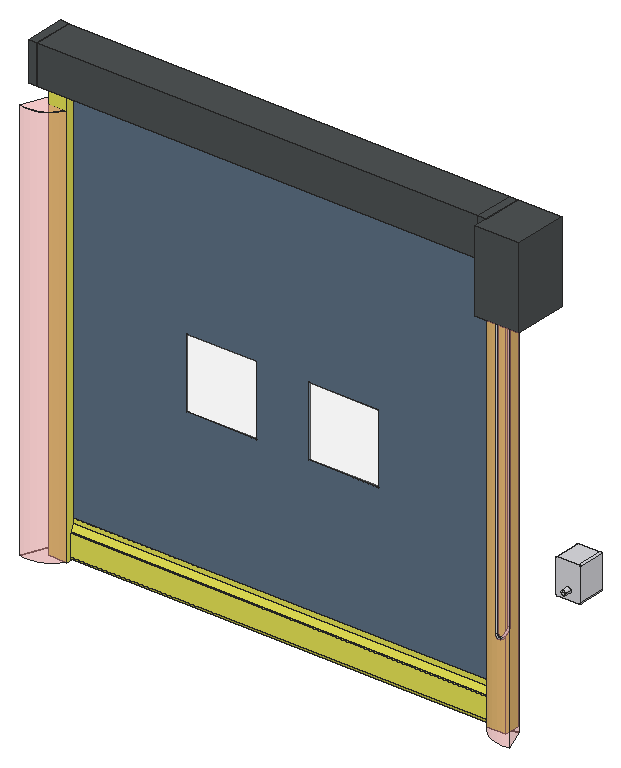
Revit family "Doors_Industrial_Wayne-Dalton_Flexible-Bottom-High-Speed-Interior-Fabric-Doors-Model-880-ADV-Xtreme_", category Specialty Equipment, host Wall, Revit 2019
Family settings
  Host = Wall
  Round Connector Dimension = Use Diameter
  Part Type = Normal
  OmniClass Number = 23.30.10.21.34
  OmniClass Title = Industrial Doors
  Always vertical = Yes
  Cut with Voids When Loaded = No
  Shared = No
  Room Calculation Point = No
Parameters (values of type "115 volts, one phase, 60 Hz (110-120V range)")
  Windows Off [instance] = not(Vision Panels)  # no
  Vision Panels [instance] = yes
  True Width [instance] = [Door Width (Real)]  # 10' - 0"
  True Height [instance] = [Door Height (Real)]  # 10' - 0"
  Three Phase Controller [instance] = not(One Phase Controller)  # no
  Rough Width [instance] = [Door Width (Real)]  # 10' - 0"
  Rough Height [instance] = [Door Height (Real)] - 0' 4 1/2"  # 9' - 7 1/2"
  Product Page URL = "https://www.wayne-dalton.com/high-speed-flexible-bottom-fabric-door-880"
  Powder Coat (Note) = "Standard color for guides and bottom bar is yellow. Approximately 200 optional RAL powder coat colors are also available."  # constant formula
  Panel Material [instance] = PVC - Wayne Dalton - Blue
  One Phase Controller [instance] = if(Number of Poles = 1, 1 = 1, 1 = 2)  # yes
  Motor Cover [instance] = yes
  Hood Material = Metal - Wayne Dalton - Black
  Headroom Height [instance] = 1' - 7 1/2"  # constant formula
  External Transformer = if(or(Voltage = 208 V, Voltage = 575 V), 1 = 1, 1 = 2)  # no
  Door Width (Real) [instance] = if(Door Width > Max Door Width, Max Door Width, if(Door Width < Min Door Width, Min Door Width, Door Width))  # 10' - 0"
  Door Height (Real) [instance] = if(Door Height > Max Door Height, Max Door Height, if(Door Height < Min Door Height, Min Door Height, Door Height))  # 10' - 0"
  Voltage = 115 V
  URL = "https://www.wayne-dalton.com/"
  Product data url = "https://www.bimobject.com/wayne-dalton/product/flexible-bottom-high-speed-interior-fabric-doors-model-880-ADV-Xtreme"
  Product Guid = "0106d010-f1e5-4df6-acf0-f1f8b8751e18"
  Power Factor = 1
  Number of Poles = 1
  Model = "880"  # constant formula
  Min Door Width [instance] = 4' - 0"  # constant formula
  Min Door Height [instance] = 4' - 0"  # constant formula
  Max Door Width [instance] = 12' - 0"  # constant formula
  Max Door Height [instance] = 12' - 0"  # constant formula
  Manufacturer = "Wayne Dalton"  # constant formula
  Frequency = 60 Hz  # constant formula
  Wall Closure = By host
  Floor To (CL) of Shaft [instance] = [Door Height (Real)] + 0' 5 1/2"  # 10' - 5 1/2"
  Connector Description = "Rapidflex Large Control Panel"  # constant formula
  Finish Material = Finish - Wayne Dalton - Yellow
  Door Width [instance] = 10' - 0"
  Door Height [instance] = 10' - 0"
  Description = "Designed for high traffic areas where safety is a priority, Wayne Dalton’s Model 880 ADV-Xtreme interior high speed fabric door features a flexible bottom with a detachable bottom seal that diminishes the potential for injury. This door is perfect for manufacturing, healthcare and warehouse facilities. Model 880 ADV-Xtreme is made with two layers of PVC-coated polyester and 1 layer of polyester weave and its strutless design lowers the operational noise of the door for quiet and smooth operation. This door is capable of withstanding pressure of up to 3.0 psf."  # constant formula
  Current = 20 A
  Clearance [instance] = yes
  Backroom Depth [instance] = 0' - 11 1/2"  # constant formula
  Apparent Load Phase 3 = if(Number of Poles = 1, 0 VA, (Voltage * Current * sqrt(3)) / 3)  # 0 VA
  Apparent Load Phase 2 = if(Number of Poles = 1, 0 VA, (Voltage * Current * sqrt(3)) / 3)  # 0 VA
  Apparent Load Phase 1 = if(Number of Poles = 1, Voltage * Current, (Voltage * Current * sqrt(3)) / 3)  # 2300 VA
Types (7): name | Three Phase Controller | One Phase Controller | External Transformer | Voltage | Number of Poles | Apparent Load Phase 3 | Apparent Load Phase 2 | Apparent Load Phase 1
  115 volts, one phase, 60 Hz (110-120V range) | no | yes | no | 115 V | 1 | 0 VA | 0 VA | 2300 VA
  208 volts, one phase, 60 Hz (190-207V range) | no | yes | yes | 208 V | 1 | 0 VA | 0 VA | 4160 VA
  208 volts, three phase, 60 Hz (190-207 V range) | yes | no | yes | 208 V | 3 | 2401.78 VA | 2401.78 VA | 2401.78 VA
  230 volts, one phase, 60 Hz (208-245V range) | no | yes | no | 230 V | 1 | 0 VA | 0 VA | 4600 VA
  230 volts, three phase, 60 Hz (208-245 V range) | yes | no | no | 230 V | 3 | 2655.81 VA | 2655.81 VA | 2655.81 VA
  460 volts, three phase, 60 Hz (456-495 V range) | yes | no | no | 460 V | 3 | 5311.62 VA | 5311.62 VA | 5311.62 VA
  575 volts, three phase, 60 Hz | yes | no | yes | 575 V | 3 | 6639.53 VA | 6639.53 VA | 6639.53 VA
Reference planes (in)
  plane 1 "Center (Front/Back)": y = 0
  plane 2 "Center (Left/Right)": x = 0
  plane 3 "Left": x = -60
  plane 4 "Right": x = 60
  plane 5 "Exterior": y = 3.00375
  plane 6 "Interior": y = -2.99625
  plane 7: x = 60
  plane 8: x = -60
  plane 9: z = 115.5
  plane 10 "Main": y = -7.11344
  plane 11: y = -14.49625
  plane 12 "Main Door Block": y = -2.99625
  plane 13: z = 47.47
  plane 14: y = -5.16813
  plane 15: y = -5.24829
  plane 16: y = -5.08796
  plane 17: z = 120
Lines and regions (in)
  Opening 1
    outline origin (-90, -2.99625, 0) x (1, 0, 0) y (0, 0, 1)
      loop
        line (30, 0) -> (150, 0) -> (150, 115.5) -> (30, 115.5) -> (30, 0)
Text (in)
  text "Exterior" at (-74.96733, 27.31104, 0), in view "Ref. Level"
  text "Interior" at (-74.96733, -25.14366, 0), in view "Ref. Level"
  text "Exterior" at (0, 40.15149, 123.01588), in view "Right"
  text "Interior" at (0, -64.39139, 123.01588), in view "Right"
  text "Interior" at (0, -31.01599, 123.00693), in view "Left"
  text "Exterior" at (0, 54.57065, 123.00693), in view "Left"
Dimensions and locks (in)
  equal spacing: plane 3 "Left", plane 2 "Center (Left/Right)", plane 4 "Right"
  "Door Width (Real)": plane 3 "Left" to plane 4 "Right"
  level to host wall = 38' - 3.59655"
  equal spacing: plane 8, plane 2 "Center (Left/Right)", plane 7
  "Rough Width": plane 7 to plane 8
  "Backroom Depth": plane 6 "Interior" to plane 11
  plane 9 to level = 9' - 7 1/2"
  locked: plane 12 "Main Door Block" to plane 10 "Main" at 4.11719
  plane 1 "Center (Front/Back)" to plane 6 "Interior" = 0' - 2.99625"
  locked: plane 14 to plane 6 "Interior" at 2.17187
  locked: plane 15 to plane 16 at 0.16033
  equal spacing: plane 15, plane 14, plane 16
  locked: plane 17 to plane 9 at 4.5
  "Door Height (Real)": plane 17 to level
  aligned and locked: Opening 1 sketch curve to level
  aligned and locked: plane 5 "Exterior" to host wall
  aligned and locked: host wall to plane 6 "Interior"
  aligned and locked: plane 8 to Opening 1 sketch curve
  aligned and locked: plane 7 to Opening 1 sketch curve
  aligned and locked: plane 12 "Main Door Block" to plane 6 "Interior"
  aligned and locked: plane 12 "Main Door Block" to nested 1
  aligned and locked: nested 1 to plane 2 "Center (Left/Right)"
  aligned and locked: level to nested 1
  aligned and locked: Opening 1 sketch curve to plane 9
  aligned and locked: plane 2 "Center (Left/Right)" to nested 2
  aligned and locked: level to nested 2
  aligned and locked: plane 16 to nested 2
Nested families (in)
  nested 1: "Lifts" at (0, -2.99625, 0) x (-1, 0, 0) z (0, 0, 1), Header Width <- "Backroom Depth", Motor Cover <- "Motor Cover", One Phase Controller <- "One Phase Controller", Three Phase Controller <- "Three Phase Controller", type "Frame Unit"
    with Three Phase Controller no, Spool Radius 0' - 3.45", Right Motor Position yes, One Phase Controller yes, Motor Cover Off no, Motor Cover yes, Masking Region Right Motor Three Phase no, Masking Region Right Motor no, Header Width 0' - 11 1/2", Header Option 1, Header Height 0' - 11", Guid Option 1, Electric Operator Position 14' - 3 1/2", Clearance (Wide Guid) yes, Clearance (Slim Guid) no, CL Shaft Offset 1' - 0"
  nested 2: "Panel" at (0, -5.08796, 0), type "Panel"
Connectors (in)
  electrical at (85.75355, -10.53625, 48), driven by "Power Factor", driven by "Voltage", driven by "Apparent Load Phase 1", driven by "Connector Description", driven by "Number of Poles", driven by "Apparent Load Phase 2", driven by "Apparent Load Phase 3"
    settings: on nested 1, index 1, voltage 115 V, apparent load 0 VA, apparent load phase1 2300 VA, apparent load phase2 0 VA, apparent load phase3 0 VA, power factor 1, load classification "Other", number of poles 1, system type 31, power factor state 1, is connector primary yes, connector utility no, sub classification motor no, connector description "Rapidflex Large Control Panel"
Definition of nested family "Lifts"
  Parameters (values of type "Frame Unit")
    Three Phase Controller [instance] = no
    Spool Radius [instance] = 0' - 3.45"
    Shaft Material = none
    Right Motor Position [instance] = yes
    Opening Width = 10' - 0"
    One Phase Controller [instance] = yes
    Naked Header = no
    Motor Cover Off [instance] = not(Motor Cover)  # no
    Motor Cover [instance] = yes
    Masking Region Right Motor Three Phase [instance] = if(and(Right Motor Position, Three Phase Controller), 1 = 1, 1 = 2)  # no
    Masking Region Right Motor [instance] = if(and(Right Motor Position, Motor Cover Off), 1 = 1, 1 = 2)  # no
    Hood Offset (Real) = if(Hood Offset < 0' 4 1/2", 0' 4 1/2", if(Hood Offset > Opening Height / 2, Opening Height / 2, Hood Offset))  # 0' - 4 1/2"
    Hood Offset = 0' - 0"
    Hood Material = none
    Headroom Height = 1' - 7 1/2"
    Header Width [instance] = 0' - 11 1/2"
    Header Option [instance] = 2
    Header Height [instance] = 0' - 11"
    Guid Width = 0' - 5.27645"
    Guid Option [instance] = 1
    Floor To CL Shaft = Opening Height + Headroom Height - 0' 5 1/2"  # 10' - 9 1/2"
    External Transformer = no
    Electric Operator Position [instance] = if(Right Motor Position, (2' 1 3/4" * 2 + Opening Width), 0' 0")  # 14' - 3 1/2"
    Clearance (Wide Guid) [instance] = if(and(Clearance, or(Guid Option < 2, Guid Option = 2)), 1 < 2, 1 > 2)  # yes
    Clearance (Slim Guid) [instance] = if(and(Clearance, or(Guid Option > 3, Guid Option = 3)), 1 < 2, 1 > 2)  # no
    Clearance = yes
    Opening Height = 9' - 7 1/2"
    Finish Material = none
    CL Shaft Offset [instance] = if(or(Header Option < 1, Header Option = 1), 1' 0", 1' 4.53")  # 1' - 4.53"
    Bottom Bar = yes
    Analytic Construction = "<None>"
  Reference planes (in)
    plane 1 "Center (Front/Back)": y = 0
    plane 2: z = 0
    plane 3 "Center (Left/Right)": x = 0
    plane 4 "Left": x = -60
    plane 5 "Right": x = 60
    plane 6 "Center Line of Shaft": z = 129.5
    plane 7 "Headroom Top": z = 135
    plane 8 "Opening Height": z = 115.5
    plane 9: x = -76.13
    plane 10 "Shaft": x = -75.54413
    plane 11 "Box": x = -85.75355
    plane 12 "EBOX": z = 48
    plane 13: z = 39.09375
    plane 14: z = 56.90625
    plane 15: z = 43.5
    plane 16: y = 7.54
    plane 17: z = 124
    plane 18: y = 11.5
    plane 19: x = 66.77645
    plane 20: x = 65.27645
    plane 21: x = -65.27645
    plane 22: x = -78.00355
    plane 23: x = -93.50355
    plane 24: y = 5.75
    plane 25: y = 5.75
    plane 26: y = 2.17
    plane 27 "Center L/MM": x = 85.74645
    plane 28: z = 53
    plane 29: z = 43
    plane 30: x = -82.25355
    plane 31: x = -89.25355
    plane 32: y = 7.54
    plane 33 "1": z = 45.56
  Forms (in)
    Extrusion 1, solid, material <- "Shaft Material"
      sketch origin (0, 0, 0) x (0, 1, 0) y (0, 0, 1)
        loop
          circle (5.75, 129.5) r 0.78
      from -76.13 to 66.77645
    Extrusion 2, solid, visible <- "Three Phase Controller"
      sketch origin (-1.95651, 0, 0) x (1, 0, 0) y (0, 0, 1)
        loop
          line (-76.54703, 56.90625) -> (-91.04703, 56.90625)
          arc (-91.04703, 56.90625) -> (-91.40059, 56.7598) -> (-91.54703, 56.40625) r 0.5
          line (-91.54703, 56.40625) -> (-91.54703, 39.59375)
          arc (-91.54703, 39.59375) -> (-91.40059, 39.2402) -> (-91.04703, 39.09375) r 0.5
          line (-91.04703, 39.09375) -> (-76.54703, 39.09375)
          arc (-76.54703, 39.09375) -> (-76.19348, 39.2402) -> (-76.04703, 39.59375) r 0.5
          line (-76.04703, 39.59375) -> (-76.04703, 56.40625)
          arc (-76.04703, 56.40625) -> (-76.19348, 56.7598) -> (-76.54703, 56.90625) r 0.5
      from -7.54 to 0
    Revolve 3, solid, visible <- "Three Phase Controller"
      sketch origin (-55.03203, -180, 43.5) x (-1, 0, 0) y (0, -1, 0)
        loop
          line (27.36151, -187.54) -> (26.61151, -187.54) -> (26.76151, -189.312) -> (27.36151, -189.312) -> (27.36151, -187.54)
        axis (27.36151, -187.54) -> (27.36151, -189.312)
      angle from 0 to 360
    Extrusion 4, solid, material <- "Finish Material"
      sketch origin (0, 0, 0) x (1, 0, 0) y (0, 1, 0)
        loop
          line (-65.27645, 0) -> (-60, 0) -> (-60, 4.332) -> (-65.27645, 4.332) -> (-65.27645, 0)
        loop
          line (65.27645, 0) -> (65.27645, 4.332) -> (60, 4.332) -> (60, 0) -> (65.27645, 0)
      from 0 to 124
    Extrusion 5, solid, material <- "Hood Material"
      sketch origin (0, 0, 0) x (0, 1, 0) y (0, 0, 1)
        loop
          line (0, 124) -> (11.5, 124) -> (11.5, 135) -> (0, 135) -> (0, 124)
      from -65.27645 to 65.27645
    Sweep 6, solid, material <- "Hood Material"
      path origin (0, 0, 0) x (0, 1, 0) y (0, 0, 1)
        loop
          line (0, 124) -> (11.5, 124) -> (11.5, 135) -> (0, 135) -> (0, 124)
      profile origin (0, 0, 129.5) x (0, -1, 0) y (1, 0, 0)
        loop
          line (0, -65.27645) -> (0, -63.07791) -> (-0.5, -63.07791) -> (-0.5, -65.27645) -> (0, -65.27645)
        loop
          line (0, 65.27645) -> (-0.5, 65.27645) -> (-0.5, 63.07791) -> (0, 63.07791) -> (0, 65.27645)
    Extrusion 7, solid, material <- "Hood Material"
      sketch origin (0, 0, 0) x (1, 0, 0) y (0, 1, 0)
        loop
          line (65.27645, 0) -> (65.27645, 11.5) -> (64.77145, 11.5) -> (64.77145, 0) -> (65.27645, 0)
        loop
          line (-65.27645, 0) -> (-64.77145, 0) -> (-64.77145, 11.5) -> (-65.27645, 11.5) -> (-65.27645, 0)
      from 124 to 135
    Extrusion 8, solid, material <- "Hood Material"
      sketch origin (-60, -60, 48) x (0, -1, 0) y (0, 0, 1)
        loop
          circle (-65.75, 81.5) r 3.45
      from 4.42748 to 3.36549
    Extrusion 9, solid, visible <- "External Transformer"
      sketch origin (0, 0, 48) x (1, 0, 0) y (0, 1, 0)
        loop
          line (-92.62855, 0) -> (-78.87855, 0) -> (-78.87855, 0.125) -> (-81.25355, 0.125) -> (-81.25355, 9.3125) -> (-90.25355, 9.3125) -> (-90.25355, 0.125) -> (-92.62855, 0.125) -> (-92.62855, 0)
      from -19.13 to -10
    Extrusion 10, solid, visible <- "Clearance"
      sketch origin (0, 0, 0) x (1, 0, 0) y (0, 1, 0)
        loop
          arc (-60, 4.332) -> (-64.23927, 8.22682) -> (-69.97175, 8.75565) r 9
          line (-69.97175, 8.75565) -> (-67.1622, 1.80178) -> (-65.27645, 2.56367) -> (-65.27645, 4.332) -> (-60, 4.332)
        loop
          line (60, 4.332) -> (65.27645, 4.332) -> (65.27645, 2.56367) -> (67.1622, 1.80178) -> (69.97175, 8.75565)
          arc (69.97175, 8.75565) -> (64.23927, 8.22682) -> (60, 4.332) r 9
      from 0 to 115.5
    Extrusion 11, solid, material <- "Hood Material"
      sketch origin (60, 0, 0) x (0, -1, 0) y (0, 0, 1)
        loop
          circle (-5.75, 129.5) r 3.45
      from -4.43 to -3.37
    Extrusion 12, solid, material <- "Finish Material"
      sketch origin (0, 0, 0) x (0, 1, 0) y (0, 0, 1)
        loop
          arc (3.24008, 6.97045) -> (3.22335, 7.12796) -> (3.17392, 7.27845) r 0.75
          line (3.17392, 7.27845) -> (2.34001, 9.13) -> (2.34001, 10.63) -> (1.99999, 10.63) -> (1.99999, 9.13) -> (1.16608, 7.27845)
          arc (1.16608, 7.27845) -> (1.11665, 7.12796) -> (1.09992, 6.97045) r 0.75
          line (1.09992, 6.97045) -> (1.09992, 1)
          arc (1.09992, 1) -> (1.39282, 0.29289) -> (2.09992, 0) r 1
          line (2.09992, 0) -> (2.166, 0) -> (2.24008, 0)
          arc (2.24008, 0) -> (2.94718, 0.29289) -> (3.24008, 1) r 1
          line (3.24008, 1) -> (3.24008, 6.97045)
      from -60 to 60
    Extrusion 13, solid, visible <- "One Phase Controller"
      sketch origin (0, 0, 0) x (1, 0, 0) y (0, 0, 1)
        loop
          line (-82.65355, 53) -> (-88.85355, 53)
          arc (-88.85355, 53) -> (-89.13639, 52.88284) -> (-89.25355, 52.6) r 0.4
          line (-89.25355, 52.6) -> (-89.25355, 43.4)
          arc (-89.25355, 43.4) -> (-89.13639, 43.11716) -> (-88.85355, 43) r 0.4
          line (-88.85355, 43) -> (-82.65355, 43)
          arc (-82.65355, 43) -> (-82.3707, 43.11716) -> (-82.25355, 43.4) r 0.4
          line (-82.25355, 43.4) -> (-82.25355, 52.6)
          arc (-82.25355, 52.6) -> (-82.3707, 52.88284) -> (-82.65355, 53) r 0.4
      from -7.54 to 0
    Revolve 14, solid, visible <- "One Phase Controller"
      sketch origin (0, 0, 45.56) x (-1, 0, 0) y (0, -1, 0)
        loop
          line (85.75355, -9.3125) -> (85.75355, -7.54) -> (85.00355, -7.54) -> (85.15355, -9.3125) -> (85.75355, -9.3125)
        axis (85.75355, -9.3125) -> (85.75355, -7.54)
      angle from 0 to 360
  Cuts and joins
    joined: Sweep 6, Extrusion 7
  Lines and regions (in)
    Masking region 1, visible <- "Three Phase Controller"
      outline origin (0, 0, 0) x (1, 0, 0) y (0, 1, 0)
        loop
          line (-93.50355, 0) -> (-78.00355, 0) -> (-78.00355, 7.54) -> (-93.50355, 7.54) -> (-93.50355, 0)
    Masking region 2, visible <- "Masking Region Right Motor Three Phase"
      outline origin (0, 0, 0) x (1, 0, 0) y (0, 1, 0)
        loop
          line (-81.64355, 7.54) -> (-81.79355, 9.312) -> (-82.99355, 9.312) -> (-83.14355, 7.54) -> (-81.64355, 7.54)
    Masking region 3, visible <- "Right Motor Position"
      outline origin (0, 0, 0) x (1, 0, 0) y (0, 1, 0)
        loop
          line (66.77645, 6.53) -> (65.27645, 6.53) -> (65.27645, 4.97) -> (66.77645, 4.97) -> (66.77645, 6.53)
    Masking region 4, visible <- "External Transformer"
      outline origin (0, 0, 0) x (1, 0, 0) y (0, 1, 0)
        loop
          line (-90.25355, 7.54) -> (-81.25355, 7.54) -> (-81.25355, 9.3125) -> (-90.25355, 9.3125) -> (-90.25355, 7.54)
    Masking region 5
      outline origin (0, 0, 0) x (1, 0, 0) y (0, 1, 0)
        loop
          line (-65.27645, 11.5) -> (-65.27645, 0) -> (65.27645, 0) -> (65.27645, 11.5) -> (-65.27645, 11.5)
    Masking region 6, visible <- "One Phase Controller"
      outline origin (0, 0, 0) x (1, 0, 0) y (0, 1, 0)
        loop
          line (-89.25355, 7.54) -> (-89.25355, 0) -> (-82.25355, 0) -> (-82.25355, 7.54) -> (-89.25355, 7.54)
    Masking region 7, visible <- "One Phase Controller"
      outline origin (0, 0, 0) x (1, 0, 0) y (0, 1, 0)
        loop
          line (-86.35355, 9.3125) -> (-86.50355, 7.54) -> (-85.00355, 7.54) -> (-85.15355, 9.3125) -> (-86.35355, 9.3125)
    Masking region 8, visible <- "Motor Cover Off"
      outline origin (0, 0, 0) x (1, 0, 0) y (0, 1, 0)
        loop
          line (-76.13, 4.97) -> (-73.50545, 4.97) -> (-73.50545, 5.40044) -> (-72.97545, 5.40044) -> (-72.97545, 6.53) -> (-76.13, 6.53) -> (-76.13, 4.97)
        loop
          line (-68.44051, 5.9) -> (-68.44051, 6.53) -> (-69.03545, 6.53) -> (-69.03545, 5.40095) -> (-68.50551, 5.40095) -> (-68.50551, 4.97004) -> (-65.27645, 4.97004) -> (-65.27645, 6.53) -> (-67.2063, 6.53) -> (-67.2063, 5.9) -> (-68.44051, 5.9)
    symbolic lines
      curve 1: line (-63.07791, 0, 0) -> (-63.07791, 11.5, 0)
      curve 2: line (63.07791, 11.5, 0) -> (63.07791, 0, 0)
  Dimensions and locks (in)
    equal spacing: plane 4 "Left", plane 3 "Center (Left/Right)", plane 5 "Right"
    "Opening Width": plane 4 "Left" to plane 5 "Right"
    "Header Height": plane 7 "Headroom Top" to plane 17
    "Opening Height": plane 8 "Opening Height" to level
    locked: plane 9 to plane 4 "Left" at 16.13
    locked: level to plane 12 "EBOX" at 48
    locked: plane 11 "Box" to Revolve 3 sketch curve at 3.36
    equal spacing: plane 14, plane 12 "EBOX", plane 13
    locked: plane 12 "EBOX" to plane 15 at 4.5
    locked: plane 13 to plane 14 at 17.8125
    locked: plane 10 "Shaft" to plane 4 "Left" at 15.54413
    plane 11 "Box" to plane 10 "Shaft" = 0' - 10.20941"
    locked: plane 16 to plane 1 "Center (Front/Back)" at 7.54
    locked: Revolve 3 sketch curve to Revolve 3 sketch curve at 0.6
    locked: Revolve 3 sketch curve to Revolve 3 sketch curve at 0.75
    locked: plane 16 to Revolve 3 sketch curve at 1.772
    "Guid Width": Extrusion 4 sketch curve to plane 4 "Left"
    locked: plane 1 "Center (Front/Back)" to Extrusion 4 sketch curve at 4.332
    "Header Width": plane 1 "Center (Front/Back)" to Extrusion 5 sketch curve
    Extrusion 5 to plane 4 "Left" = 0' - 5.27645"
    plane 5 "Right" to Extrusion 5 = 0' - 5.27645"
    "Header Width": plane 1 "Center (Front/Back)" to Sweep 6 sketch curve
    "Header Width": plane 1 "Center (Front/Back)" to Extrusion 7 sketch curve  (x2)
    "Header Width": plane 1 "Center (Front/Back)" to plane 18
    locked: plane 5 "Right" to plane 19 at 6.77645
    plane 21 to nested 1 = 0' - 5.729"
    "Guid Width": plane 4 "Left" to plane 21
    "Guid Width": plane 5 "Right" to plane 20
    locked: Extrusion 7 sketch curve to plane 20 at 0.505
    locked: plane 21 to Extrusion 7 sketch curve at 0.505
    Sweep 6 sketch curve to plane 4 "Left" = 0' - 5.27645"
    locked: plane 11 "Box" to plane 23 at 7.75
    locked: plane 22 to plane 11 "Box" at 7.75
    locked: Masking region 3 sketch curve to Masking region 3 sketch curve at 1.56
    locked: plane 1 "Center (Front/Back)" to Extrusion 9 sketch curve at 0.125
    locked: plane 11 "Box" to Extrusion 9 sketch curve at 4.5
    locked: Extrusion 9 sketch curve to plane 11 "Box" at 4.5
    locked: Extrusion 9 sketch curve to plane 11 "Box" at 6.875
    locked: plane 11 "Box" to Extrusion 9 sketch curve at 6.875
    plane 1 "Center (Front/Back)" to Extrusion 9 sketch curve = 0' - 9 5/16"
    locked: plane 18 to Extrusion 8 sketch curve at 5.75
    locked: plane 18 to Extrusion 1 sketch curve at 5.75
    locked: Extrusion 4 sketch curve to Extrusion 4 sketch curve at 4.332
    "Guid Width": Extrusion 4 sketch curve to Extrusion 4 sketch curve
    plane 20 to plane 21 = 10' - 10.55291"
    locked: plane 1 "Center (Front/Back)" to Extrusion 10 sketch curve at 9  (x2)
    locked: cut or joined group of Sweep 6, Extrusion 7 to Sweep 6 sketch curve at 0.5
    locked: Sweep 6 sketch curve to Extrusion 4 at 0.5
    locked: plane 1 "Center (Front/Back)" to plane 26 at 2.17
    locked: Extrusion 12 sketch curve to plane 2 at 10.63
    locked: Extrusion 12 sketch curve to Extrusion 12 sketch curve at 2.14015
    locked: plane 26 to Extrusion 12 sketch curve at 1.07008
    locked: Extrusion 12 sketch curve to Extrusion 12 sketch curve at 1.5
    locked: plane 20 to plane 27 "Center L/MM" at 20.47
    "Electric Operator Position": plane 11 "Box" to plane 27 "Center L/MM"
    equal spacing: Masking region 1 sketch curve, plane 11 "Box", Masking region 1 sketch curve
    locked: Masking region 1 sketch curve to Masking region 1 sketch curve at 15.5
    "Floor To CL Shaft": plane 6 "Center Line of Shaft" to plane 2
    plane 8 "Opening Height" to level = 9' - 7 1/2"
    equal spacing: plane 29, plane 12 "EBOX", plane 28
    locked: plane 29 to plane 28 at 10
    locked: plane 1 "Center (Front/Back)" to plane 32 at 7.54
    locked: plane 32 to Revolve 14 sketch curve at 1.7725
    locked: plane 12 "EBOX" to plane 33 "1" at 2.44
    locked: plane 11 "Box" to Revolve 14 sketch curve at 0.75
    locked: plane 11 "Box" to Revolve 14 sketch curve at 0.6
    "Headroom Height": plane 7 "Headroom Top" to plane 8 "Opening Height"
    locked: plane 30 to plane 11 "Box" at 3.5
    locked: plane 30 to plane 31 at 7
    locked: Extrusion 1 sketch curve to Extrusion 1 sketch curve (radius 0' - 0.78")
    "Spool Radius": radius of Extrusion 8 sketch curve
    "Spool Radius": radius of Extrusion 11 sketch curve
    radius of Extrusion 10 sketch curve = 0' - 9"  (x2)
    locked: Revolve 3 to Masking region 2 sketch curve (angle 85.1614°)
    locked: Masking region 2 sketch curve to Revolve 3 (angle 85.1614°)
    locked: Masking region 7 sketch curve to Revolve 14 (angle 85.1628°)
    locked: Revolve 14 to Masking region 7 sketch curve (angle 85.1628°)
    aligned and locked: plane 2 to level
    aligned and locked: plane 9 to Extrusion 1
    aligned and locked: Extrusion 2 to plane 1 "Center (Front/Back)"
    aligned and locked: Extrusion 2 sketch curve to plane 13
    aligned and locked: plane 14 to Extrusion 2 sketch curve
    aligned and locked: Revolve 3 sketch curve to Revolve 3 sketch curve
    aligned and locked: plane 16 to Revolve 3 sketch curve
    aligned and locked: plane 1 "Center (Front/Back)" to Extrusion 5 sketch curve
    aligned and locked: Extrusion 5 sketch curve to plane 7 "Headroom Top"
    aligned and locked: Extrusion 5 to plane 17
    aligned and locked: plane 17 to Extrusion 5 sketch curve
    aligned and locked: plane 17 to Extrusion 4
    aligned and locked: plane 1 "Center (Front/Back)" to Sweep 6 sketch curve
    aligned and locked: Sweep 6 sketch curve to plane 7 "Headroom Top"
    aligned and locked: Sweep 6 sketch curve to plane 17
    aligned and locked: profile plane to Sweep 6 sketch curve
    aligned and locked: Extrusion 7 sketch curve to plane 1 "Center (Front/Back)"  (x2)
    aligned and locked: plane 7 "Headroom Top" to Extrusion 7
    aligned and locked: Extrusion 7 to plane 17
    aligned and locked: Masking region 2 sketch curve to Revolve 3  (x2)
    aligned and locked: Extrusion 1 to plane 19
    aligned and locked: Extrusion 7 sketch curve to plane 21
    aligned and locked: Extrusion 7 sketch curve to plane 20
    aligned and locked: plane 22 to Extrusion 2 sketch curve
    aligned and locked: plane 23 to Extrusion 2 sketch curve
    aligned and locked: plane 19 to Masking region 3 sketch curve
    aligned and locked: plane 20 to Masking region 3 sketch curve
    aligned and locked: Masking region 3 sketch curve to Extrusion 1
    aligned and locked: Extrusion 9 sketch curve to plane 1 "Center (Front/Back)"
    aligned and locked: Extrusion 9 sketch curve to Extrusion 9 sketch curve
    aligned and locked: Masking region 4 sketch curve to Extrusion 9  (x2)
    aligned and locked: Extrusion 9 to Masking region 4 sketch curve
    aligned and locked: plane 6 "Center Line of Shaft" to Extrusion 8 sketch curve
    aligned and locked: plane 6 "Center Line of Shaft" to Extrusion 1 sketch curve
    aligned and locked: Extrusion 4 sketch curve to plane 1 "Center (Front/Back)"
    aligned and locked: plane 20 to Extrusion 4 sketch curve
    aligned and locked: Extrusion 10 to level
    aligned and locked: cut or joined group of Sweep 6, Extrusion 7 to plane 21
    aligned and locked: cut or joined group of Sweep 6, Extrusion 7 to plane 18  (x2)
    aligned and locked: cut or joined group of Sweep 6, Extrusion 7 to plane 1 "Center (Front/Back)"
    aligned and locked: plane 1 "Center (Front/Back)" to cut or joined group of Sweep 6, Extrusion 7
    aligned and locked: plane 20 to cut or joined group of Sweep 6, Extrusion 7
    aligned and locked: Sweep 6 sketch curve to cut or joined group of Sweep 6, Extrusion 7
    aligned and locked: plane 20 to Sweep 6 sketch curve
    aligned and locked: Extrusion 5 to plane 21
    aligned and locked: plane 20 to Extrusion 5
    aligned and locked: plane 7 "Headroom Top" to nested 1
    aligned and locked: plane 8 "Opening Height" to Extrusion 10
    aligned and locked: nested 1 to plane 21
    aligned and locked: Extrusion 12 to plane 5 "Right"
    aligned and locked: plane 4 "Left" to Extrusion 12
    aligned and locked: plane 18 to Masking region 5 sketch curve
    aligned and locked: Masking region 5 sketch curve to plane 1 "Center (Front/Back)"
    aligned and locked: Masking region 5 sketch curve to plane 21
    aligned and locked: Masking region 5 sketch curve to plane 20
    aligned and locked: nested 1 to plane 1 "Center (Front/Back)"
    aligned and locked: plane 28 to Extrusion 13 sketch curve
    aligned and locked: Extrusion 13 sketch curve to plane 29
    aligned and locked: Extrusion 13 sketch curve to plane 30
    aligned and locked: plane 1 "Center (Front/Back)" to Extrusion 13
    aligned and locked: Revolve 14 sketch curve to Revolve 14 sketch curve
    aligned and locked: Revolve 14 sketch curve to plane 32
    aligned and locked: Masking region 6 sketch curve to Extrusion 13  (x4)
    aligned and locked: Masking region 7 sketch curve to Revolve 14
    aligned and locked: Masking region 4 to Masking region 7 sketch curve
    aligned and locked: curve 1 to cut or joined group of Sweep 6, Extrusion 7
    aligned and locked: curve 2 to cut or joined group of Sweep 6, Extrusion 7
    aligned and locked: Extrusion 10 sketch curve to plane 21
    aligned and locked: plane 21 to Extrusion 10 sketch curve
    aligned and locked: Extrusion 10 sketch curve to Extrusion 4
    aligned and locked: plane 4 "Left" to Extrusion 10 sketch curve
    aligned and locked: Extrusion 10 sketch curve to plane 20
    aligned and locked: plane 20 to Extrusion 10 sketch curve
    aligned and locked: plane 5 "Right" to Extrusion 10 sketch curve
  Automatic sketch dimensions
    Extrusion 2 sketch curve to Extrusion 2 sketch curve = 0' - 0 1/2"
    Extrusion 2 sketch curve to plane 14 = 0' - 0 1/2"
    Extrusion 2 sketch curve to plane 22 = 0' - 0 1/2"  (x2)
    Extrusion 11 sketch curve to plane 6 "Center Line of Shaft" = 0' - 0"
    Extrusion 11 sketch curve to plane 25 = 0' - 0"
    Extrusion 13 sketch curve to plane 31 = 0' - 0"
    plane 31 to Extrusion 13 sketch curve = 0' - 0.4"  (x2)
    Extrusion 13 sketch curve to plane 15 = 0' - 0.1"
    Extrusion 13 sketch curve to plane 28 = 0' - 0.4"
    Revolve 14 sketch curve to plane 11 "Box" = 0' - 0"
    Revolve 14 sketch curve to plane 32 = 0' - 0"
    Revolve 14 sketch curve to Revolve 14 sketch curve = 0' - 0"
    plane 1 "Center (Front/Back)" to curve 2 = 0' - 0"
    curve 1 to plane 1 "Center (Front/Back)" = 0' - 0"
    plane 18 to curve 2 = 0' - 0"
    plane 18 to curve 1 = 0' - 0"
    Revolve 3 sketch curve to plane 18 = 0' - 7.38505"
    Revolve 3 sketch curve to plane 26 = 0' - 0.90036"
    Sweep 6 sketch curve to Sweep 6 sketch curve = 0' - 2.19855"  (x2)
    Masking region 1 sketch curve to plane 1 "Center (Front/Back)" = 0' - 0"
    plane 18 to Masking region 1 sketch curve = 0' - 3.96"
    plane 11 "Box" to Masking region 2 sketch curve = 0' - 2.61"
    Masking region 2 sketch curve to Masking region 2 sketch curve = 0' - 1.2"
    Masking region 4 sketch curve to Masking region 4 sketch curve = 0' - 1.7725"
    plane 26 to Extrusion 10 sketch curve = 0' - 0.36822"  (x2)
    Extrusion 10 sketch curve to Extrusion 10 sketch curve = 0' - 0.72664"  (x2)
    plane 18 to Extrusion 10 sketch curve = 0' - 2.74435"  (x2)
    plane 20 to Extrusion 10 sketch curve = 0' - 1.88575"
    Extrusion 12 sketch curve to level = 0' - 0"
    Extrusion 12 sketch curve to Extrusion 12 sketch curve = 0' - 0.06616"  (x2)
    plane 26 to Extrusion 12 sketch curve = 0' - 0.32008"
    plane 26 to Extrusion 12 sketch curve = 0' - 0.17001"
    plane 26 to Extrusion 12 sketch curve = 0' - 0.07008"
    plane 26 to Extrusion 12 sketch curve = 0' - 0.004"
    Extrusion 12 sketch curve to plane 26 = 0' - 0.07008"
    Extrusion 12 sketch curve to plane 26 = 0' - 0.17001"
    Extrusion 12 sketch curve to plane 26 = 0' - 0.32008"
    Extrusion 12 sketch curve to Extrusion 12 sketch curve = 0' - 0"
    Masking region 7 sketch curve to plane 11 "Box" = 0' - 0 3/4"
    plane 11 "Box" to Masking region 7 sketch curve = 0' - 0.6"
    Masking region 8 sketch curve to plane 9 = 0' - 0"
    Masking region 8 sketch curve to plane 21 = 0' - 0"
    Masking region 8 sketch curve to plane 10 "Shaft" = 0' - 2.03868"
    Masking region 8 sketch curve to plane 21 = 0' - 3.759"
    Masking region 8 sketch curve to Masking region 8 sketch curve = 0' - 0.52994"
    Masking region 8 sketch curve to Masking region 8 sketch curve = 0' - 0.59494"
    Masking region 8 sketch curve to Masking region 8 sketch curve = 0' - 1.23421"
    Masking region 8 sketch curve to plane 26 = 0' - 2.8"
    Masking region 8 sketch curve to plane 26 = 0' - 2.80004"
    Masking region 8 sketch curve to Masking region 8 sketch curve = 0' - 0.43044"
    Masking region 8 sketch curve to Masking region 8 sketch curve = 0' - 0.43091"
    Masking region 8 sketch curve to Masking region 8 sketch curve = 0' - 0.49905"
    Masking region 8 sketch curve to Masking region 8 sketch curve = 0' - 0.63"
    Masking region 8 sketch curve to Masking region 8 sketch curve = 0' - 1.56"
    Masking region 8 sketch curve to Masking region 8 sketch curve = 0' - 1.55996"
    Masking region 8 sketch curve to Masking region 8 sketch curve = 0' - 0.53"
    Extrusion 4 sketch curve to plane 4 "Left" = 0' - 0"
    plane 1 "Center (Front/Back)" to Extrusion 4 sketch curve = 0' - 0"
  Nested families (in)
    nested 1: "General Motor" at (-71.00545, 0.5, 129.199), visible <- "Right Motor Position", Motor Cover <- "Motor Cover", type "Family2"
      with Motor Cover Off no, Motor Cover yes
  Definition of nested family "General Motor"
    Parameters (values of type "Family2")
      Shaft Material = none
      Opening Height = 9' - 7 1/2"
      Motor Cover Off [instance] = not(Motor Cover)  # no
      Motor Cover [instance] = yes
      Hood Material = none
      Floor To Cl Shaft = 10' - 9 1/2"
      Finish Material = none
      Default Elevation = 4' - 0"
      Chain Length = CL of Shaft - 4' 0" - 1' 7.31"  # 5' - 2.19"
      CL of Shaft = 10' - 9 1/2"
      Amount of Panels = 5
    Reference planes (in)
      plane 1 "Center (Front/Back)": y = 0
      plane 2: z = 0
      plane 3 "Center (Left/Right)": x = 0
      plane 4: z = 5.335
      plane 5: z = -18.546
      plane 6: z = -17.165
      plane 7: z = -19.311
      plane 8: z = -99.5
      plane 9: x = 5.729
      plane 10: z = -5.699
      plane 11: x = -6.991
      plane 12: z = -129.5
    Forms (in)
      Revolve 1, solid, material <- "Shaft Material"
        sketch origin (0, 0, -153.29) x (0, 0, -1) y (0, -1, 0)
          loop
            line (-158.625, -8.066) -> (-134.744, -8.066) -> (-134.744, -6.99312) -> (-136.091, -6.365) -> (-138.289, -6.365) -> (-138.289, -5.714) -> (-140.769, -5.586) -> (-142.108, -5.519) -> (-146.951, -5.519) -> (-148.093, -5.704) -> (-148.349, -5.704) -> (-156.66, -5.468) -> (-158.625, -5.468) -> (-158.625, -8.066)
          axis (-134.744, -8.066) -> (-158.625, -8.066)
        angle from 0 to 360
      Extrusion 2, solid, material <- "Shaft Material"
        sketch origin (0, 0, -153.29) x (0, 0, -1) y (0, -1, 0)
          loop
            line (-142.108, -13.875) -> (-142.108, -7.875) -> (-146.951, -7.875) -> (-146.951, -13.875) -> (-142.108, -13.875)
        from -2.5 to 2.5
      Extrusion 3, solid, material <- "Shaft Material"
        sketch origin (51.311, 0, 0) x (-1, 0, 0) y (0, -1, 0)
          loop
            line (45.582, -1.755) -> (45.582, -3.496) -> (45.832, -3.496) -> (45.832, -1.82199) -> (46.73959, -0.25) -> (52.45925, -0.25) -> (52.45925, 0) -> (46.59525, 0) -> (45.582, -1.755)
        from -4.56 to 4.56
      Extrusion 4, void
        sketch origin (51.311, 0, -153.29) x (1, 0, 0) y (0, 0, 1)
          loop
            line (-48.772, 148.73) -> (-52.45925, 148.73) -> (-52.45925, 149.98) -> (-50.72525, 149.98) -> (-50.72525, 156.6) -> (-52.45925, 156.6) -> (-52.45925, 157.85) -> (-48.772, 157.85) -> (-45.582, 157.0155) -> (-45.582, 159.2655) -> (-55.082, 159.2655) -> (-55.082, 147.3145) -> (-45.582, 147.3145) -> (-45.582, 149.5645) -> (-48.772, 148.73)
        from -15.80227 to 5
      Extrusion 5, solid, material <- "Shaft Material"
        sketch origin (0, 0, -153.29) x (0, 0, -1) y (0, -1, 0)
          loop
            line (-143.525, -4.641) -> (-143.525, -1.441) -> (-148.515, -1.18157) -> (-148.84, -1.18157) -> (-148.84, -1.57157) -> (-150.11271, -1.57157) -> (-150.11271, -4.51043) -> (-148.84, -4.51043) -> (-148.84, -4.90043) -> (-148.515, -4.90043) -> (-143.525, -4.641)
        from -2.5 to 2.5
      Extrusion 6, void
        sketch origin (51.311, 0, -153.29) x (1, 0, 0) y (0, 0, 1)
          loop
            line (-48.811, 148.515) -> (-49.24757, 143.525) -> (-53.37443, 143.525) -> (-53.811, 148.515) -> (-55.811, 148.515) -> (-55.811, 142.515) -> (-46.811, 142.515) -> (-46.811, 148.515) -> (-48.811, 148.515)
        from -4.90043 to -1.18157
      Extrusion 7, solid, material <- "Shaft Material"
        sketch origin (0, 0, -153.29) x (0, 0, -1) y (0, -1, 0)
          loop
            line (-149.944, -0.25) -> (-156.636, -0.25) -> (-156.636, -9.069) -> (-149.944, -9.069) -> (-149.944, -0.25)
        from -1.97 to 1.97
      Extrusion 8, solid, material <- "Shaft Material"
        sketch origin (6.36891, 0, -153.29) x (0, 0, -1) y (0, -1, 0)
          loop
            line (-133.979, -10.6) -> (-133.979, -5.4) -> (-136.125, -5.4)
            arc (-136.125, -5.4) -> (-138.725, -8) -> (-136.125, -10.6) r 2.6
            line (-136.125, -10.6) -> (-133.979, -10.6)
        from 2.565 to 3.79891
      Extrusion 9, solid, material <- "Shaft Material"
        sketch origin (0, 0, -153.29) x (0, 0, -1) y (0, -1, 0)
          loop
            circle (-136.09491, -8.066) r 1.34
        from -2.57 to 2.565
      Sweep 10, solid, material <- "Shaft Material"
        path origin (6.36891, 0, -153.29) x (0, 0, -1) y (0, -1, 0)
          loop
            line (-133.979, -10.4375) -> (-53.79, -10.4375)
            arc (-53.79, -10.4375) -> (-51.3525, -8) -> (-53.79, -5.5625) r 2.4375
            line (-53.79, -5.5625) -> (-133.979, -5.5625)
        profile origin (6.36891, 10.4375, -59.4055) x (-1, 0, 0) y (0, -1, 0)
          loop
            circle (3.18196, 0.2675) r 0.2675
      Extrusion 11, solid, material <- "Hood Material", visible <- "Motor Cover"
        sketch origin (5.729, 1.755, 48) x (0, -1, 0) y (0, 0, 1)
          loop
            line (-13.12, -42.199) -> (-13.12, -65.199) -> (2.255, -65.199) -> (2.255, -42.199) -> (-13.12, -42.199)
        from 12.72 to 0
      Extrusion 12, void
        sketch origin (5.729, 1.755, 48) x (0, -1, 0) y (0, 0, 1)
          loop
            line (-2.645, -65.432) -> (-2.645, -44.63) -> (-9.977, -44.63) -> (-9.977, -65.432) -> (-2.645, -65.432)
        from 1.92509 to 8.35492
    Cuts and joins
      Extrusion 4 cuts Extrusion 3
      Extrusion 6 cuts Extrusion 5
      Extrusion 12 cuts Extrusion 11
    Lines and regions (in)
      Masking region 1, visible <- "Motor Cover Off"
        outline origin (0, 0, 0) x (1, 0, 0) y (0, 1, 0)
          loop
            line (-2.5, 13.875) -> (-2.5, 9.406) -> (-2.565, 9.406) -> (-2.565, 6.726) -> (-2.22576, 6.726)
            arc (-2.22576, 6.726) -> (-2.10532, 6.54376) -> (-1.97, 6.37228) r 2.598
            line (-1.97, 6.37228) -> (-1.97, 4.90043) -> (-2.5, 4.90043) -> (-2.5, 1.18157) -> (-1.97, 1.18157) -> (-1.97, 0.25881) -> (1.97, 0.25881) -> (1.97, 1.18157) -> (2.5, 1.18157) -> (2.5, 4.90043) -> (1.97, 4.90043) -> (1.97, 6.37228)
            arc (1.97, 6.37228) -> (2.10532, 6.54376) -> (2.22576, 6.726) r 2.598
            line (2.22576, 6.726) -> (2.565, 6.726) -> (2.565, 5.4) -> (3.79891, 5.4) -> (3.79891, 10.6) -> (2.565, 10.6) -> (2.565, 9.406) -> (2.5, 9.406) -> (2.5, 13.875) -> (-2.5, 13.875)
          loop
            line (5.479, 3.496) -> (5.479, 1.82199) -> (4.57141, 0.25) -> (-1.14825, 0.25) -> (-1.14825, 0) -> (4.71575, 0) -> (5.729, 1.755) -> (5.729, 3.496) -> (5.479, 3.496)
      Masking region 2, visible <- "Motor Cover Off"
        outline origin (0, 0, 0) x (1, 0, 0) y (0, 1, 0)
          loop
            circle (0, 8.066) r 2.598
          loop
            line (-2.5, 4.90043) -> (-2.5, 4.51043) -> (-1.97, 4.51043) -> (-1.97, 4.90043) -> (-2.5, 4.90043)
          loop
            line (-2.5, 1.57157) -> (-2.5, 1.18157) -> (-1.97, 1.18157) -> (-1.97, 1.57157) -> (-2.5, 1.57157)
          loop
            line (1.97, 1.57157) -> (1.97, 1.18157) -> (2.5, 1.18157) -> (2.5, 1.57157) -> (1.97, 1.57157)
          loop
            line (1.97, 4.90043) -> (1.97, 4.51043) -> (2.5, 4.51043) -> (2.5, 4.90043) -> (1.97, 4.90043)
      Masking region 3, visible <- "Motor Cover"
        outline origin (0, 0, 0) x (1, 0, 0) y (0, 1, 0)
          loop
            line (5.729, 14.875) -> (-6.991, 14.875) -> (-6.991, -0.5) -> (5.729, -0.5) -> (5.729, 14.875)
      symbolic lines, visible <- "Motor Cover Off"
        curve 1: line (-1.97, 6.37228, 0) -> (-1.97, 0.626, 0)
        curve 2: line (1.97, 6.37228, 0) -> (1.97, 0.626, 0)
        curve 3: line (2.5, 13.875, 0) -> (2.5, 8.77283, 0)
        curve 4: line (2.57, 7.6856, 0) -> (2.57, 5.4, 0)
        curve 5: line (2.565, 9.406, 0) -> (2.565, 8.47877, 0)
        curve 6: line (-2.5, 9.406, 0) -> (-2.5, 8.77283, 0)
    Dimensions and locks (in)
      locked: plane 4 to plane 5 at 23.881
      locked: Extrusion 7 sketch curve to Extrusion 7 sketch curve at 8.819
      locked: Extrusion 8 sketch curve to plane 6 at 2.146
      locked: level to plane 7 at 19.311
      locked: plane 3 "Center (Left/Right)" to plane 9 at 5.729
      Extrusion 11 sketch curve to Extrusion 11 sketch curve = 1' - 3 3/8"
      locked: Extrusion 11 sketch curve to plane 1 "Center (Front/Back)" at 0.5
      locked: plane 1 "Center (Front/Back)" to Extrusion 12 sketch curve at 4.4
      locked: plane 1 "Center (Front/Back)" to Extrusion 12 sketch curve at 11.732
      locked: Extrusion 12 sketch curve to level at 3.37
      locked: level to Extrusion 12 sketch curve at 17.432
      Extrusion 11 sketch curve to Extrusion 11 sketch curve = 1' - 11"
      locked: plane 11 to plane 9 at 12.72
      locked: plane 8 to plane 12 at 30
      "Floor To Cl Shaft": level to plane 12
      aligned and locked: plane 2 to level
      aligned and locked: Revolve 1 sketch curve to plane 4
      aligned and locked: plane 5 to Revolve 1 sketch curve
      aligned and locked: plane 4 to Revolve 1 sketch curve
      aligned and locked: Revolve 1 sketch curve to Revolve 1 sketch curve
      aligned and locked: plane 7 to Sweep 10 sketch curve  (x2)
      aligned and locked: plane 8 to Sweep 10 sketch curve  (x2)
      aligned and locked: Extrusion 11 to plane 9
      aligned and locked: plane 11 to cut or joined group of Extrusion 11, Extrusion 12
      aligned and locked: cut or joined group of Extrusion 11, Extrusion 12 to Masking region 3 sketch curve
      aligned and locked: plane 11 to Masking region 3 sketch curve
      aligned and locked: plane 9 to Masking region 3 sketch curve
      aligned and locked: Masking region 3 sketch curve to cut or joined group of Extrusion 11, Extrusion 12
    Automatic sketch dimensions
      Revolve 1 sketch curve to plane 5 = 0' - 0"
      Revolve 1 sketch curve to plane 4 = 0' - 1.965"
      Revolve 1 sketch curve to level = 0' - 4.941"
      Revolve 1 sketch curve to Revolve 1 sketch curve = 0' - 0.256"
      Revolve 1 sketch curve to Revolve 1 sketch curve = 0' - 1.142"
      Revolve 1 sketch curve to Revolve 1 sketch curve = 0' - 4.843"
      Revolve 1 sketch curve to Revolve 1 sketch curve = 0' - 1.339"
      Revolve 1 sketch curve to Revolve 1 sketch curve = 0' - 2.48"
      plane 5 to Revolve 1 sketch curve = 0' - 1.347"
      Revolve 1 sketch curve to plane 1 "Center (Front/Back)" = 0' - 8.066"
      Revolve 1 sketch curve to Revolve 1 sketch curve = 0' - 1.07288"
      Revolve 1 sketch curve to Revolve 1 sketch curve = 0' - 0.62812"
      Revolve 1 sketch curve to Revolve 1 sketch curve = 0' - 0.651"
      Revolve 1 sketch curve to plane 1 "Center (Front/Back)" = 0' - 5.704"
      Revolve 1 sketch curve to Revolve 1 sketch curve = 0' - 0.128"
      Revolve 1 sketch curve to Revolve 1 sketch curve = 0' - 0.067"
      Revolve 1 sketch curve to Revolve 1 sketch curve = 0' - 2.598"
      Extrusion 2 sketch curve to level = 0' - 6.339"
      Extrusion 2 sketch curve to Extrusion 2 sketch curve = 0' - 4.843"
      Extrusion 2 sketch curve to plane 1 "Center (Front/Back)" = 1' - 1 7/8"
      Extrusion 2 sketch curve to Extrusion 2 sketch curve = 0' - 6"
      plane 1 "Center (Front/Back)" to Extrusion 3 sketch curve = 0' - 0"
      Extrusion 3 sketch curve to plane 1 "Center (Front/Back)" = 0' - 1.755"
      plane 3 "Center (Left/Right)" to Extrusion 3 sketch curve = 0' - 5.729"
      Extrusion 3 sketch curve to Extrusion 3 sketch curve = 0' - 0 1/4"  (x2)
      Extrusion 3 sketch curve to Extrusion 3 sketch curve = 0' - 0.76325"
      Extrusion 3 sketch curve to Extrusion 3 sketch curve = 0' - 0.14434"
      Extrusion 3 sketch curve to plane 3 "Center (Left/Right)" = 0' - 1.14825"
      Extrusion 3 sketch curve to Extrusion 3 sketch curve = 0' - 0.06699"
      Extrusion 3 sketch curve to Extrusion 3 sketch curve = 0' - 1.67401"
      Extrusion 4 sketch curve to plane 3 "Center (Left/Right)" = 0' - 3.771"
      Extrusion 4 sketch curve to plane 3 "Center (Left/Right)" = 0' - 1.14825"  (x2)
      plane 3 "Center (Left/Right)" to Extrusion 4 sketch curve = 0' - 0.58575"
      Extrusion 4 sketch curve to Extrusion 4 sketch curve = 0' - 1.95325"  (x2)
      Extrusion 4 sketch curve to Extrusion 4 sketch curve = 0' - 3.19"  (x2)
      Extrusion 4 sketch curve to level = 0' - 5.9755"
      Extrusion 4 sketch curve to Extrusion 4 sketch curve = 0' - 1.4155"
      Extrusion 4 sketch curve to Extrusion 4 sketch curve = 0' - 2 1/4"  (x2)
      Extrusion 4 sketch curve to Extrusion 4 sketch curve = 0' - 1 1/4"  (x2)
      level to Extrusion 4 sketch curve = 0' - 3.31"
      level to Extrusion 4 sketch curve = 0' - 3.7255"
      Extrusion 5 sketch curve to level = 0' - 3.17729"
      Extrusion 5 sketch curve to Extrusion 5 sketch curve = 0' - 1.27271"  (x2)
      Extrusion 5 sketch curve to plane 1 "Center (Front/Back)" = 0' - 1.18157"
      Extrusion 5 sketch curve to Extrusion 5 sketch curve = 0' - 0.325"  (x2)
      Extrusion 5 sketch curve to plane 1 "Center (Front/Back)" = 0' - 1.441"
      Extrusion 5 sketch curve to Extrusion 5 sketch curve = 0' - 4.99"
      Extrusion 5 sketch curve to Extrusion 5 sketch curve = 0' - 0.39"  (x2)
      Extrusion 5 sketch curve to Extrusion 5 sketch curve = 0' - 2.93885"
      Extrusion 5 sketch curve to Extrusion 5 sketch curve = 0' - 3.2"
      Extrusion 6 sketch curve to plane 3 "Center (Left/Right)" = 0' - 4 1/2"
      Extrusion 6 sketch curve to Extrusion 6 sketch curve = 0' - 2"
      Extrusion 6 sketch curve to plane 3 "Center (Left/Right)" = 0' - 2.06343"
      plane 3 "Center (Left/Right)" to Extrusion 6 sketch curve = 0' - 2.06343"
      plane 3 "Center (Left/Right)" to Extrusion 6 sketch curve = 0' - 2 1/2"
      Extrusion 6 sketch curve to Extrusion 6 sketch curve = 0' - 2.43657"
      Extrusion 6 sketch curve to level = 0' - 10.775"
      Extrusion 6 sketch curve to Extrusion 6 sketch curve = 0' - 1.01"
      Extrusion 6 sketch curve to level = 0' - 4.775"  (x2)
      Extrusion 7 sketch curve to plane 1 "Center (Front/Back)" = 0' - 0 1/4"
      level to Extrusion 7 sketch curve = 0' - 3.346"
      Extrusion 7 sketch curve to level = 0' - 3.346"
      Extrusion 8 sketch curve to plane 6 = 0' - 0"
      Extrusion 8 sketch curve to plane 1 "Center (Front/Back)" = 0' - 10.6"
      Extrusion 8 sketch curve to Extrusion 8 sketch curve = 0' - 2.6"
      Extrusion 9 sketch curve to plane 1 "Center (Front/Back)" = 0' - 8.066"
      Extrusion 9 sketch curve to level = 1' - 5.19509"
      Sweep 10 sketch curve to profile plane = 0' - 0.2675"
      profile plane to Sweep 10 sketch curve = 0' - 3.18196"
      Masking region 2 sketch curve to plane 3 "Center (Left/Right)" = 0' - 0"
      Masking region 2 sketch curve to plane 3 "Center (Left/Right)" = 0' - 1.97"  (x2)
      Masking region 2 sketch curve to Masking region 2 sketch curve = 0' - 0.53"  (x4)
      plane 3 "Center (Left/Right)" to Masking region 2 sketch curve = 0' - 1.97"  (x2)
      Masking region 2 sketch curve to plane 1 "Center (Front/Back)" = 0' - 1.18157"  (x2)
      Masking region 2 sketch curve to Masking region 2 sketch curve = 0' - 0.39"  (x4)
      Masking region 2 sketch curve to Masking region 2 sketch curve = 0' - 2.93885"  (x2)
      Masking region 2 sketch curve to Masking region 2 sketch curve = 0' - 3.16557"
      Masking region 1 sketch curve to Masking region 1 sketch curve = 0' - 0"  (x2)
      plane 1 "Center (Front/Back)" to Masking region 1 sketch curve = 0' - 0"
      Masking region 1 sketch curve to plane 3 "Center (Left/Right)" = 0' - 0"
      Masking region 1 sketch curve to plane 1 "Center (Front/Back)" = 0' - 0 1/4"
      Masking region 1 sketch curve to plane 3 "Center (Left/Right)" = 0' - 1.14825"
      Masking region 1 sketch curve to plane 3 "Center (Left/Right)" = 0' - 1.97"
      Masking region 1 sketch curve to Masking region 1 sketch curve = 0' - 0.82175"
      Masking region 1 sketch curve to Masking region 1 sketch curve = 0' - 0.25576"  (x2)
      Masking region 1 sketch curve to Masking region 1 sketch curve = 0' - 0.53"  (x2)
      Masking region 1 sketch curve to plane 3 "Center (Left/Right)" = 0' - 2 1/2"
      plane 3 "Center (Left/Right)" to Masking region 1 sketch curve = 0' - 1.97"  (x2)
      plane 3 "Center (Left/Right)" to Masking region 1 sketch curve = 0' - 2 1/2"
      Masking region 1 sketch curve to Masking region 1 sketch curve = 0' - 0.33924"  (x2)
      Masking region 1 sketch curve to Masking region 1 sketch curve = 0' - 0.065"
      Masking region 1 sketch curve to Masking region 1 sketch curve = 0' - 1.23391"
      Masking region 1 sketch curve to Masking region 1 sketch curve = 0' - 2.07141"
      Masking region 1 sketch curve to Masking region 1 sketch curve = 0' - 0.14434"
      Masking region 1 sketch curve to Masking region 1 sketch curve = 0' - 1.68009"
      Masking region 1 sketch curve to Masking region 1 sketch curve = 0' - 0 1/4"
      Masking region 1 sketch curve to plane 1 "Center (Front/Back)" = 0' - 0.25881"
      Masking region 1 sketch curve to Masking region 1 sketch curve = 0' - 0.92276"  (x2)
      Masking region 1 sketch curve to plane 1 "Center (Front/Back)" = 0' - 1.755"
      Masking region 1 sketch curve to Masking region 1 sketch curve = 0' - 0.06699"
      Masking region 1 sketch curve to Masking region 1 sketch curve = 0' - 1.67401"
      Masking region 1 sketch curve to Masking region 1 sketch curve = 0' - 3.71885"  (x2)
      Masking region 1 sketch curve to Masking region 1 sketch curve = 0' - 0.49957"
      Masking region 1 sketch curve to Masking region 1 sketch curve = 0' - 0.97228"
      Masking region 1 sketch curve to Masking region 1 sketch curve = 0' - 1.47185"
      Masking region 1 sketch curve to Masking region 1 sketch curve = 0' - 0.35372"
      Masking region 1 sketch curve to Masking region 1 sketch curve = 0' - 2.68"  (x2)
      Masking region 1 sketch curve to Masking region 1 sketch curve = 0' - 1.194"
      Masking region 1 sketch curve to Masking region 1 sketch curve = 0' - 4.469"
      curve 6 to plane 3 "Center (Left/Right)" = 0' - 2 1/2"
      curve 1 to plane 1 "Center (Front/Back)" = 0' - 0.626"
      curve 1 to plane 3 "Center (Left/Right)" = 0' - 1.97"
      curve 2 to plane 1 "Center (Front/Back)" = 0' - 0.626"
      plane 3 "Center (Left/Right)" to curve 2 = 0' - 1.97"
      curve 2 to curve 3 = 0' - 0.53"
      curve 3 to curve 5 = 0' - 0.065"
      curve 5 to curve 4 = 0' - 0.005"
      curve 2 to curve 4 = 0' - 4.774"
      curve 4 to curve 2 = 0' - 0.97228"
      curve 1 to curve 2 = 0' - 0"
      curve 2 to curve 4 = 0' - 1.31333"
      curve 4 to curve 5 = 0' - 0.79317"
      curve 1 to curve 6 = 0' - 2.40055"
      curve 5 to curve 3 = 0' - 0.29406"
      curve 6 to curve 6 = 0' - 0.63317"
      curve 3 to curve 5 = 0' - 0.63317"
      curve 5 to curve 3 = 0' - 4.469"
      Extrusion 11 sketch curve to plane 10 = 0' - 11 1/2"
      plane 1 "Center (Front/Back)" to Masking region 3 sketch curve = 0' - 0 1/2"
      Sweep 10 sketch curve to plane 1 "Center (Front/Back)" = 0' - 10 7/16"
      Sweep 10 sketch curve to Sweep 10 sketch curve = 0' - 2 7/16"
      radius of Extrusion 9 sketch curve = 0' - 1.34"
      radius of Sweep 10 sketch curve = 0' - 0.2675"
      radius of Masking region 2 sketch curve = 0' - 2.598"
Definition of nested family "Panel"
  Parameters (values of type "Panel")
    Window Width = 1' - 8"  # constant formula
    Window Thickness = 0' - 0.16"  # constant formula
    Window Material = none
    Window Height = 1' - 8"  # constant formula
    Width = 10' - 0"
    Void Offset = 0' - 0"
    VP = yes
    Reverse Offset = 0' - 0"
    Panel Material = none
    Offset = 0' - 0"
    No VP = not(VP)  # no
    New Offset = if(Height Real < 4' 1" + Window Height + 0' 1", Height Real - Window Height - 0' 1", 4' 1")  # 4' - 1"
    Negative Window Thickness = -Window Thickness  # -0' - 0.16"
    Many Window = if(No VP, 1 = 2, not([1 Window]))  # yes
    L = ((Width + 0' 6 1/2") - (1' 3" * (Array Count - 1)) - (Dop Array Count * 0' 1")) / 2  # 2' - 11 3/4"
    Height Real = Height + 0' 4"  # 10' - 4"
    Height = 10' - 0"
    Dop Array Count = Array Count * 20  # 40
    Default Elevation = 4' - 0"
    Array Count Real = if(Array Count = 1, 2, Array Count)  # 2
    Array Count = if(or(Width < 7' 0", Width = 7' 0"), 1, if(or(Width < 10' 0", Width = 10' 0"), 2, 3))  # 2
    1 Window Offset = if(Array Count = 3, (Width + 0' 6 1/2") / 2 - (Window Width / 2), L)  # 2' - 11 3/4"
    1 Window = if(No VP, 1 = 2, if(Array Count = 1, 1 = 1, 1 = 2))  # no
  Reference planes (in)
    plane 1 "Center (Front/Back)": y = 0
    plane 2: z = 0
    plane 3 "Center (Left/Right)": x = 0
    plane 4: z = 124
    plane 5: x = -60
    plane 6: x = 60
    plane 7: x = -63.25
    plane 8: x = 63.25
    plane 9: x = -27.5
    plane 10: x = 27.5
    plane 11: z = 49
    plane 12: z = 69
    plane 13: x = -27.5
  Forms (in)
    Extrusion 1, solid, material <- "Panel Material", visible <- "VP"
      sketch origin (0, 0, 0) x (1, 0, 0) y (0, 0, 1)
        loop
          line (-60, 0.5) -> (60, 0.5) -> (60, 124) -> (-60, 124) -> (-60, 0.5)
      from 0 to 0.16 <- "Window Thickness"
    Extrusion 2, solid, material <- "Window Material", visible <- "Many Window"
      sketch origin (0, 0, -10) x (1, 0, 0) y (0, 0, 1)
        loop
          line (-27.5, 59) -> (-7.5, 59) -> (-7.5, 79) -> (-27.5, 79) -> (-27.5, 59)
      from 0 to 0.16 <- "Window Thickness"
    Extrusion 3, solid, material <- "Window Material", visible <- "Many Window"
      sketch origin (35, 0, -10) x (1, 0, 0) y (0, 0, 1)
        loop
          line (-27.5, 59) -> (-7.5, 59) -> (-7.5, 79) -> (-27.5, 79) -> (-27.5, 59)
      from 0 to 0.16 <- "Window Thickness"
    Extrusion 4, solid, material <- "Window Material", visible <- "1 Window"
      sketch origin (0, 0, 0) x (1, 0, 0) y (0, 0, 1)
        loop
          line (-10, 69) -> (-10, 49) -> (10, 49) -> (10, 69) -> (-10, 69)
      from 0 to 0.16
    Extrusion 5, void
      sketch origin (0, 0, 0) x (1, 0, 0) y (0, 0, 1)
        loop
          line (-27.5, 69) -> (-27.5, 49) -> (-7.5, 49) -> (-7.5, 69) -> (-27.5, 69)
      from 0 to 0.16
    Extrusion 6, void
      sketch origin (0, 0, 0) x (1, 0, 0) y (0, 0, 1)
        loop
          line (-27.5, 69) -> (-27.5, 49) -> (-7.5, 49) -> (-7.5, 69) -> (-27.5, 69)
      from 0 to 0.16
    Extrusion 7, void
      sketch origin (0, 0, 0) x (1, 0, 0) y (0, 0, 1)
        loop
          line (27.5, 69) -> (7.5, 69) -> (7.5, 49) -> (27.5, 49) -> (27.5, 69)
      from 0 to 0.16
    Extrusion 8, solid, material <- "Panel Material", visible <- "No VP"
      sketch origin (0, 0, 0) x (1, 0, 0) y (0, 0, 1)
        loop
          line (-60, 0.5) -> (60, 0.5) -> (60, 124) -> (-60, 124) -> (-60, 0.5)
      from 0 to 0.16
  Cuts and joins
    Extrusion 5, Extrusion 6, Extrusion 7 cuts Extrusion 1
  Dimensions and locks (in)
    equal spacing: plane 5, plane 3 "Center (Left/Right)", plane 6
    "Width": plane 5 to plane 6
    "Height Real": plane 4 to level
    locked: plane 7 to plane 5 at 3.25
    locked: plane 6 to plane 8 at 3.25
    "L": plane 7 to plane 9
    "L": plane 8 to plane 10
    "New Offset": plane 11 to level
    "Window Height": plane 12 to plane 11
    locked: Extrusion 1 sketch curve to level at 0.5
    group 1 to group 2 = 2' - 11"
    group 1 to group 2 = 0' - 0"  (x2)
    equal spacing: Extrusion 4 sketch curve, plane 3 "Center (Left/Right)", Extrusion 4 sketch curve
    "Window Width": Extrusion 4 sketch curve to Extrusion 4 sketch curve
    "1 Window Offset": plane 7 to plane 13
    "Window Width": Extrusion 5 sketch curve to Extrusion 5 sketch curve
    "Window Width": Extrusion 6 sketch curve to Extrusion 6 sketch curve
    "Window Width": plane 10 to Extrusion 7 sketch curve
    locked: Extrusion 8 sketch curve to level at 0.5
    plane 12 to level = 5' - 9"
    aligned and locked: plane 2 to level
    aligned and locked: Extrusion 1 sketch curve to plane 5
    aligned and locked: Extrusion 1 sketch curve to plane 6
    aligned and locked: Extrusion 1 sketch curve to plane 4
    aligned and locked: plane 10 to Extrusion 3
    aligned and locked: plane 9 to Extrusion 2
    aligned and locked: Extrusion 4 sketch curve to plane 12
    aligned and locked: Extrusion 4 sketch curve to plane 11
    aligned and locked: Extrusion 5 sketch curve to plane 12
    aligned and locked: Extrusion 5 sketch curve to plane 11
    aligned and locked: Extrusion 5 sketch curve to plane 13
    aligned and locked: Extrusion 6 sketch curve to plane 12
    aligned and locked: Extrusion 6 sketch curve to plane 11
    aligned and locked: Extrusion 6 sketch curve to plane 9
    aligned and locked: Extrusion 7 sketch curve to plane 10
    aligned and locked: Extrusion 7 sketch curve to plane 12
    aligned and locked: Extrusion 7 sketch curve to plane 11
    aligned and locked: Extrusion 8 sketch curve to plane 5
    aligned and locked: Extrusion 8 sketch curve to plane 6
    aligned and locked: Extrusion 8 sketch curve to plane 4
    aligned and locked: plane 12 to Extrusion 2
    aligned and locked: plane 12 to Extrusion 3
  Automatic sketch dimensions
    Extrusion 2 sketch curve to Extrusion 2 sketch curve = 1' - 8"  (x2)
    Extrusion 3 sketch curve to Extrusion 3 sketch curve = 1' - 8"  (x2)
